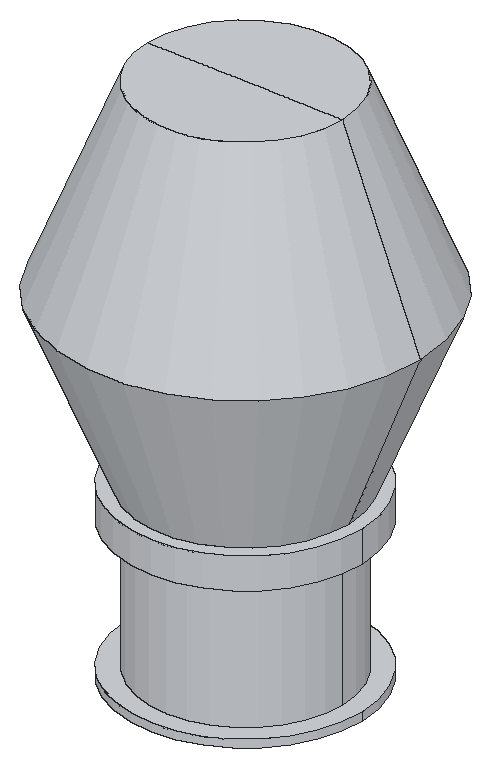
Revit family "НЕВАТОМ_Насадка НВК, версия 1", category Воздухораспределители, Revit 2017
Family settings
  Размер круглого соединителя = Использовать диаметр
  Тип детали = Нормальный
  На основе рабочей плоскости = Нет
  Всегда вертикально = Нет
  При загрузке вырезать с полостями = Нет
  Общий = Нет
  Точка расчета площади = Нет
Parameters (values of type "125")
  Расход [instance] = 0.0 L/s
  Материал корпуса = none
  Nevatom_URL = "https://t.me/NEVATOM_Bim_bot"
  H1 = 100 mm
  H = 240 mm
  Dф = D + D / 5  # 150 mm
  D1 = 225 mm
  D = 125 mm
  ADSK_Расход воздуха = 0.0 L/s
  ADSK_Размер_Ширина = D1  # 225 mm
  ADSK_Размер_Длина = D1  # 225 mm
  ADSK_Размер_Высота = H + H1  # 340 mm
  ADSK_Примечание = ""
  ADSK_Потеря давления воздуха = 0.0 Pa
  ADSK_Позиция = ""
  ADSK_Наименование = "Насадок НВК"  # constant formula
  ADSK_Материал наименование = "Оцинкованная сталь"  # constant formula
  ADSK_Масса_Текст = "кг"
  ADSK_Марка = "Насадок  НВК-125"
  ADSK_Количество = 1  # constant formula
  ADSK_Код изделия = ""
  ADSK_Завод-изготовитель = "НЕВАТОМ"  # constant formula
  ADSK_Единица измерения = "шт."
Types (17, lengths in mm): name | Материал корпуса | H1 | H | Dф | D1 | D | ADSK_Размер_Ширина | ADSK_Размер_Длина | ADSK_Размер_Высота | ADSK_Марка
  (no name) | none | 100 | 240 | 150 | 225 | 125 | 225 | 225 | 340 | "Насадок  НВК-125"
  100 | Материал корпуса | 100 | 220 | 120 | 180 | 100 | 180 | 180 | 320 | "Насадок  НВК-100"
  125 | none | 100 | 240 | 150 | 225 | 125 | 225 | 225 | 340 | "Насадок  НВК-125"
  160 | none | 100 | 340 | 192 | 280 | 160 | 280 | 280 | 440 | "Насадок  НВК-160"
  200 | none | 100 | 420 | 240 | 345 | 200 | 345 | 345 | 520 | "Насадок  НВК-200"
  250 | Материал корпуса | 90 | 515 | 300 | 430 | 250 | 430 | 430 | 605 | "Насадок  НВК-250"
  315 | none | 100 | 600 | 378 | 550 | 315 | 550 | 550 | 700 | "Насадок  НВК-315"
  355 | none | 120 | 620 | 426 | 615 | 355 | 615 | 615 | 740 | "Насадок  НВК-355"
  400 | none | 120 | 670 | 480 | 682 | 400 | 682 | 682 | 790 | "Насадок  НВК-400"
  450 | none | 120 | 770 | 540 | 769 | 450 | 769 | 769 | 890 | "Насадок  НВК-450"
  500 | none | 120 | 870 | 600 | 855 | 500 | 855 | 855 | 990 | "Насадок  НВК-500"
  560 | none | 120 | 960 | 672 | 955 | 560 | 955 | 955 | 1080 | "Насадок  НВК-560"
  630 | none | 120 | 1100 | 756 | 1075 | 630 | 1075 | 1075 | 1220 | "Насадок  НВК-630"
  710 | none | 120 | 1190 | 852 | 1215 | 710 | 1215 | 1215 | 1310 | "Насадок  НВК-710"
  800 | none | 120 | 1300 | 960 | 1360 | 800 | 1360 | 1360 | 1420 | "Насадок  НВК-800"
  900 | none | 180 | 1500 | 1080 | 1480 | 900 | 1480 | 1480 | 1680 | "Насадок НВК-900"
  1000 | none | 180 | 1700 | 1200 | 1600 | 1000 | 1600 | 1600 | 1880 | "Насадок  НВК-1000"
Reference planes
  plane 1 "По центру (Вперед/Назад)": y = 0
  plane 2: z = 0
  plane 3 "По центру (Влево/Вправо)": x = 0
  plane 4: z = 100
  plane 5: z = 220
  plane 6: z = 340
  plane 7: x = -62.5
  plane 8: x = 62.5
  plane 9: x = -112.5
  plane 10: x = 112.5
  plane 11: z = 110
  plane 12: z = 90
  plane 13: z = 5
Forms (mm)
  Extrusion 1, solid, material <- "Материал корпуса"
    sketch origin (0, 0, 0) x (1, 0, 0) y (0, 1, 0)
      loop
        circle (0, 0) r 62.5
    from 0 to 100
  Revolve 2, solid, material <- "Материал корпуса"
    sketch origin (0, 0, 0) x (1, 0, 0) y (0, 0, 1)
      loop
        line (0, 340) -> (-62.5, 340) -> (-112.5, 220) -> (-62.5, 100) -> (0, 100) -> (0, 340)
      axis (0, 340) -> (0, 100)
    angle from 0 to 360
  Extrusion 3, solid, material <- "Материал корпуса"
    sketch origin (0, 0, 0) x (1, 0, 0) y (0, 1, 0)
      loop
        circle (0, 0) r 75
    from 90 to 110
  Extrusion 4, solid
    sketch origin (0, 0, 0) x (1, 0, 0) y (0, 1, 0)
      loop
        circle (0, 0) r 75
    from 0 to 5
Cuts and joins
  joined: Extrusion 1, Revolve 2, Extrusion 3
Dimensions and locks
  "H1": plane 4 to level
  equal spacing: plane 6, plane 5, plane 4
  "H": plane 6 to plane 4
  equal spacing: plane 10, plane 3 "По центру (Влево/Вправо)", plane 9
  "D1": plane 10 to plane 9
  equal spacing: plane 8, plane 3 "По центру (Влево/Вправо)", plane 7
  "D": plane 8 to plane 7
  equal spacing: plane 11, plane 4, plane 12
  locked: plane 11 to plane 12 at 20
  locked: plane 13 to level at 5
  "D": diameter of Extrusion 1 sketch curve
  "Dф": diameter of Extrusion 3 sketch curve
  "Dф": diameter of Extrusion 4 sketch curve
  aligned and locked: level to plane 2
  aligned and locked: plane 4 to Extrusion 1
  aligned and locked: Extrusion 1 to level
  aligned and locked: plane 3 "По центру (Влево/Вправо)" to Revolve 2 sketch curve
  aligned and locked: plane 6 to Revolve 2 sketch curve
  aligned and locked: Revolve 2 sketch curve to plane 4
  aligned and locked: plane 9 to Revolve 2 sketch curve
  aligned and locked: plane 5 to Revolve 2 sketch curve
  aligned and locked: plane 7 to Revolve 2 sketch curve
  aligned and locked: Revolve 2 sketch curve to plane 3 "По центру (Влево/Вправо)"
  aligned and locked: Revolve 2 to plane 4  (x2)
  aligned and locked: plane 11 to Extrusion 3
  aligned and locked: Extrusion 3 to plane 12
  aligned and locked: Extrusion 4 to level
  aligned and locked: plane 13 to Extrusion 4
Automatic sketch dimensions
  Revolve 2 sketch curve to plane 7 = 0 mm
  Revolve 2 sketch curve to level = 366.045 mm
  Revolve 2 sketch curve to Revolve 2 sketch curve = 1894.315 mm
  plane 1 "По центру (Вперед/Назад)" to Extrusion 1 sketch curve = 0 mm
  Extrusion 1 sketch curve to plane 3 "По центру (Влево/Вправо)" = 0 mm
  plane 1 "По центру (Вперед/Назад)" to Extrusion 3 sketch curve = 0 mm
  Extrusion 3 sketch curve to plane 3 "По центру (Влево/Вправо)" = 0 mm
  plane 1 "По центру (Вперед/Назад)" to Extrusion 4 sketch curve = 0 mm
  Extrusion 4 sketch curve to plane 3 "По центру (Влево/Вправо)" = 0 mm
Connectors
  hvac at (0, 0, 0), driven by "D", driven by "Расход"
    settings: on cut or joined group of Extrusion 1, Revolve 2, Extrusion 3, index 1, duct flow 0.0 L/s, flow factor 0, pres drop 0.0 Pa, loss coef 0, conn angle 0.00°, conn width 304.8 mm, conn height 304.8 mm, conn diameter 125 mm, duct sys type 29, conn prof type 0, flow config 1, flow direction 0, loss method 0, conn ref index -1, conn util no, is conn primary yes, conn desc ""
